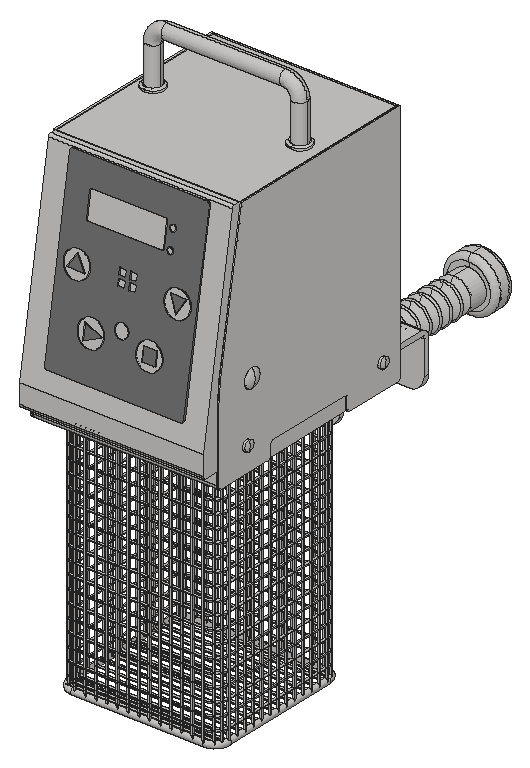
Revit family "QF_VOLLRATH_SOFTCOOKER", category Specialty Equipment, Revit 2016
Family settings
  Part Type = Normal
  Round Connector Dimension = Use Diameter
  Work Plane-Based = No
  Always vertical = Yes
  Cut with Voids When Loaded = No
  Shared = No
  Room Calculation Point = No
Parameters
  Weight in Pounds = 0
  Watts = if(Phase = 3, Volts * FL Amps * 1.73, Volts * FL Amps)  # 0 W
  Volts = 0 V
  URL Cutsheet = ""
  Specification by User = ""
  Specification by Manufacturer = ""
  Serial Number = ""
  Seismic Rating = ""
  SMACNA No = ""
  Revision Code = ""
  Phase = 1
  Number of Poles = 1
  NAFEM Spec ID Number = ""
  Min Ckt Ampacity = 0 A
  Max Overcurrent Protection = 0 A
  Masterspec = ""
  Manufacturer = "VOLLRATH"
  Length = 5.03937"
  Item Number = ""
  Installed By = ""
  Identify Quantity as Lot = yes
  Height = 15"  # constant formula
  HP = ""
  Furnished By = ""
  Foodservice Equipment Identifier = yes
  FL Amps = 0 A
  Electrical Remarks = ""
  Electric Connection Type = ""
  Elec Conn RI Height = 0"
  Elec Conn Connection Height = 0"
  Description = "SOFTCOOKER"
  Depth = 12 1/2"  # constant formula
  Cycle = 0 Hz
  Conn Plug = ""
  Conn Conduit = yes
  CSI MasterFormat = ""
  Apparent Power = if(Phase = 3, Volts * FL Amps * 1.73, Volts * FL Amps)  # 0 VA
Reference planes (in)
  plane 1 "BACK": y = 0
  plane 2: z = 0
  plane 3 "LEFT": x = 0
  plane 4 "RIGHT": x = 5.03937
  plane 5 "FRONT": y = -6.49606
  plane 6 "TOP": z = 6.63386
  plane 7 "Center Y": x = 2.51969
  plane 8 "Center X": y = -3.24803
  plane 9: z = 6.47712
  plane 10: z = 1.54145
  plane 11: z = 0.43307
  plane 12: z = -6.69976
  plane 13: z = 8.30024
  plane 14: y = 6.00394
Forms (in)
  Extrusion 1, solid, material "QF_Metal - Stainless - Polished"
    sketch origin (0, 0, 0) x (0, 1, 0) y (0, 0, 1)
      loop
        line (-5.30371, 6.5748) -> (-6.00422, 2.60198)
        arc (-6.00422, 2.60198) -> (-6.04827, 2.2674) -> (-6.06299, 1.93026) r 3.86823
        line (-6.06299, 1.93026) -> (-6.06299, 0.09263)
        arc (-6.06299, 0.09263) -> (-6.03586, 0.02713) -> (-5.97036, 0) r 0.09263
        line (-5.97036, 0) -> (-4.44871, 0)
        arc (-4.44871, 0) -> (-4.39311, 0.02303) -> (-4.37008, 0.07863) r 0.07863
        line (-4.37008, 0.07863) -> (-4.37008, 0.35122)
        arc (-4.37008, 0.35122) -> (-4.3461, 0.4091) -> (-4.28823, 0.43307) r 0.08185
        line (-4.28823, 0.43307) -> (-1.84977, 0.43307)
        arc (-1.84977, 0.43307) -> (-1.79453, 0.41019) -> (-1.77165, 0.35495) r 0.07812
        line (-1.77165, 0.35495) -> (-1.77165, 0.07297)
        arc (-1.77165, 0.07297) -> (-1.75028, 0.02137) -> (-1.69869, 0) r 0.07297
        line (-1.69869, 0) -> (-0.09097, 0)
        arc (-0.09097, 0) -> (-0.02665, 0.02665) -> (0, 0.09097) r 0.09097
        line (0, 0.09097) -> (0, 6.5748) -> (-5.30371, 6.5748)
    from 0 to 0.05906
  Extrusion 2, solid, material "QF_Metal - Stainless - Polished"
    sketch origin (5.03937, 0, 0) x (0, -1, 0) y (0, 0, 1)
      loop
        line (5.30371, 6.5748) -> (0, 6.5748) -> (0, 0.09097)
        arc (0, 0.09097) -> (0.02665, 0.02665) -> (0.09097, 0) r 0.09097
        line (0.09097, 0) -> (1.69869, 0)
        arc (1.69869, 0) -> (1.75028, 0.02137) -> (1.77165, 0.07297) r 0.07297
        line (1.77165, 0.07297) -> (1.77165, 0.35495)
        arc (1.77165, 0.35495) -> (1.79453, 0.41019) -> (1.84977, 0.43307) r 0.07812
        line (1.84977, 0.43307) -> (4.28823, 0.43307)
        arc (4.28823, 0.43307) -> (4.3461, 0.4091) -> (4.37008, 0.35122) r 0.08185
        line (4.37008, 0.35122) -> (4.37008, 0.07863)
        arc (4.37008, 0.07863) -> (4.39311, 0.02303) -> (4.44871, 0) r 0.07863
        line (4.44871, 0) -> (5.97036, 0)
        arc (5.97036, 0) -> (6.03586, 0.02713) -> (6.06299, 0.09263) r 0.09263
        line (6.06299, 0.09263) -> (6.06299, 1.93026)
        arc (6.06299, 1.93026) -> (6.04827, 2.2674) -> (6.00422, 2.60198) r 3.86823
        line (6.00422, 2.60198) -> (5.30371, 6.5748)
    from 0 to 0.05906
  Extrusion 3, solid, material "QF_Metal - Stainless - Polished"
    sketch origin (0, 0, 0) x (0, 1, 0) y (0, 0, 1)
      loop
        arc (-0.63369, 0) -> (-0.78414, -0.06232) -> (-0.84646, -0.21277) r 0.21277
        line (-0.84646, -0.21277) -> (-0.84646, -0.43193) -> (-0.72835, -0.43193) -> (-0.72835, -0.2153)
        arc (-0.72835, -0.2153) -> (-0.69988, -0.14658) -> (-0.63116, -0.11811) r 0.09719
        line (-0.63116, -0.11811) -> (1.88881, -0.11811)
        arc (1.88881, -0.11811) -> (1.95908, -0.14722) -> (1.98819, -0.21749) r 0.09938
        line (1.98819, -0.21749) -> (1.98819, -1.13957) -> (2.1063, -1.13957) -> (2.1063, -0.21023)
        arc (2.1063, -0.21023) -> (2.04472, -0.06158) -> (1.89607, 0) r 0.21023
        line (1.89607, 0) -> (-0.63369, 0)
    from 0.94488 to 4.09449
  Extrusion 4, solid, material "QF_Metal - Stainless - Polished"
    sketch origin (0.05906, 0, 0) x (0, 1, 0) y (0, 0, 1)
      loop
        line (-0.03937, 6.5748) -> (-5.30371, 6.5748) -> (-6.00422, 2.60198)
        arc (-6.00422, 2.60198) -> (-6.04827, 2.2674) -> (-6.06299, 1.93026) r 3.86823
        line (-6.06299, 1.93026) -> (-6.06299, 0.09263)
        arc (-6.06299, 0.09263) -> (-6.03586, 0.02713) -> (-5.97036, 0) r 0.09263
        line (-5.97036, 0) -> (-4.44871, 0)
        arc (-4.44871, 0) -> (-4.39311, 0.02303) -> (-4.37008, 0.07863) r 0.07863
        line (-4.37008, 0.07863) -> (-4.37008, 0.35122)
        arc (-4.37008, 0.35122) -> (-4.3461, 0.4091) -> (-4.28823, 0.43307) r 0.08185
        line (-4.28823, 0.43307) -> (-1.84977, 0.43307)
        arc (-1.84977, 0.43307) -> (-1.79453, 0.41019) -> (-1.77165, 0.35495) r 0.07812
        line (-1.77165, 0.35495) -> (-1.77165, 0.07297)
        arc (-1.77165, 0.07297) -> (-1.75028, 0.02137) -> (-1.69869, 0) r 0.07297
        line (-1.69869, 0) -> (-0.09097, 0)
        arc (-0.09097, 0) -> (-0.02665, 0.02665) -> (0, 0.09097) r 0.09097
        line (0, 0.09097) -> (0, 0.43307) -> (-0.03937, 0.43307) -> (-0.03937, 6.5748)
    from 0 to 4.92126
  Extrusion 5, solid, material "QF_Metal - Stainless - Polished"
    sketch origin (0, -0.72835, -0.82563) x (0, 0, 1) y (1, 0, 0)
      loop
        line (0.3937, 0.94488) -> (0.3937, 4.09449) -> (0.0491, 4.09449)
        arc (0.0491, 4.09449) -> (-0.23617, 3.97633) -> (-0.35433, 3.69106) r 0.40343
        line (-0.35433, 3.69106) -> (-0.35433, 1.33468)
        arc (-0.35433, 1.33468) -> (-0.24016, 1.05905) -> (0.03547, 0.94488) r 0.3898
        line (0.03547, 0.94488) -> (0.3937, 0.94488)
    from 0 to -0.11811
  Extrusion 6, solid, material "QF_Metal - Stainless - Polished"
    sketch origin (0, 2.1063, -0.57297) x (0, 0, -1) y (-1, 0, 0)
      loop
        line (0.96275, -3.69834) -> (0.96275, -1.34103)
        arc (0.96275, -1.34103) -> (0.84672, -1.06091) -> (0.5666, -0.94488) r 0.39615
        line (0.5666, -0.94488) -> (0.5666, -4.09449)
        arc (0.5666, -4.09449) -> (0.84672, -3.97846) -> (0.96275, -3.69834) r 0.39615
    from 0 to -0.11811
  Extrusion 7, solid, material "QF_Metal - Stainless - Polished"
    sketch origin (0, 0, 0) x (0, 1, 0) y (0, 0, 1)
      loop
        arc (-6.49606, 0.50952) -> (-6.47367, 0.45546) -> (-6.41961, 0.43307) r 0.07645
        line (-6.41961, 0.43307) -> (-6.06299, 0.43307) -> (-6.06299, 1.991)
        arc (-6.06299, 1.991) -> (-6.05091, 2.26763) -> (-6.01477, 2.54216) r 3.174
        line (-6.01477, 2.54216) -> (-5.30371, 6.5748) -> (-5.45283, 6.5748)
        arc (-5.45283, 6.5748) -> (-5.50264, 6.55667) -> (-5.52914, 6.51077) r 0.07749
        line (-5.52914, 6.51077) -> (-6.49606, 1.02707) -> (-6.49606, 0.50952)
    from 0.05906 to 4.98031
  Extrusion 8, solid, material "QF_Rubber - Black - Smooth"
    sketch origin (0, -5.52932, 6.50974) x (0, -0.173648, -0.984808) y (1, 0, 0)
      loop
        line (0.11324, 0.6496) -> (4.96758, 0.6496)
        arc (4.96758, 0.6496) -> (5.02325, 0.67266) -> (5.04632, 0.72834) r 0.07874
        line (5.04632, 0.72834) -> (5.04632, 4.31101)
        arc (5.04632, 4.31101) -> (5.02325, 4.36669) -> (4.96758, 4.38975) r 0.07874
        line (4.96758, 4.38975) -> (0.11324, 4.38975)
        arc (0.11324, 4.38975) -> (0.05757, 4.36669) -> (0.0345, 4.31101) r 0.07874
        line (0.0345, 4.31101) -> (0.0345, 0.72834)
        arc (0.0345, 0.72834) -> (0.05757, 0.67266) -> (0.11324, 0.6496) r 0.07874
      loop
        arc (0.75694, 1.33464) -> (0.76847, 1.3068) -> (0.79631, 1.29527) r 0.03937
        line (0.79631, 1.29527) -> (1.43412, 1.29527)
        arc (1.43412, 1.29527) -> (1.46196, 1.3068) -> (1.47349, 1.33464) r 0.03937
        line (1.47349, 1.33464) -> (1.47349, 3.31102)
        arc (1.47349, 3.31102) -> (1.46196, 3.33886) -> (1.43412, 3.35039) r 0.03937
        line (1.43412, 3.35039) -> (0.79631, 3.35039)
        arc (0.79631, 3.35039) -> (0.76847, 3.33886) -> (0.75694, 3.31102) r 0.03937
        line (0.75694, 3.31102) -> (0.75694, 1.33464)
      loop
        circle (0.91351, 3.52545) r 0.0797
      loop
        circle (1.42543, 3.52347) r 0.07897
      loop
        circle (2.51482, 1.172) r 0.35229
      loop
        circle (2.51482, 3.86737) r 0.35229
      loop
        circle (3.88982, 1.7345) r 0.35229
      loop
        circle (3.88982, 3.30487) r 0.35229
      loop
        line (2.20141, 2.28008) -> (2.38595, 2.28008) -> (2.38595, 2.4728) -> (2.20141, 2.4728) -> (2.20141, 2.28008)
      loop
        line (2.45141, 2.28008) -> (2.63595, 2.28008) -> (2.63595, 2.4728) -> (2.45141, 2.4728) -> (2.45141, 2.28008)
      loop
        line (2.20141, 2.57725) -> (2.38595, 2.57725) -> (2.38595, 2.76997) -> (2.20141, 2.76997) -> (2.20141, 2.57725)
      loop
        line (2.45141, 2.57725) -> (2.63595, 2.57725) -> (2.63595, 2.76997) -> (2.45141, 2.76997) -> (2.45141, 2.57725)
      loop
        circle (3.57337, 2.51969) r 0.17984
    from 0 to 0.02362
  Revolve 9, solid, material "QF_Metal - Stainless - Polished"
    sketch origin (0, -4.99219, 0) x (1, 0, 0) y (0, 0, 1)
      loop
        line (4.72441, 2.24409) -> (5.15495, 2.24409)
        arc (5.15495, 2.24409) -> (5.12917, 2.3728) -> (5.07024, 2.49009) r 0.49142
        line (5.07024, 2.49009) -> (5.03937, 2.49009) -> (5.03937, 2.34373) -> (4.72441, 2.34373) -> (4.72441, 2.24409)
      axis (5.15495, 2.24409) -> (4.72441, 2.24409)
    angle from 0 to 360
  Revolve 10, solid, material "QF_Metal - Stainless - Polished"
    sketch origin (0, -5.15625, -1.53543) x (1, 0, 0) y (0, 0, 1)
      loop
        line (4.72441, 2.24409) -> (5.15495, 2.24409)
        arc (5.15495, 2.24409) -> (5.14533, 2.31437) -> (5.1257, 2.38253) r 0.49142
        line (5.1257, 2.38253) -> (5.03937, 2.38253) -> (5.03937, 2.34373) -> (4.72441, 2.34373) -> (4.72441, 2.24409)
      axis (5.15495, 2.24409) -> (4.72441, 2.24409)
    angle from 0 to 360
  Revolve 11, solid, material "QF_Metal - Stainless - Polished"
    sketch origin (0, -0.62888, -1.53543) x (1, 0, 0) y (0, 0, -1)
      loop
        line (4.72441, -2.24409) -> (4.72441, -2.34373) -> (5.03937, -2.34373) -> (5.03937, -2.38253) -> (5.1257, -2.38253)
        arc (5.1257, -2.38253) -> (5.14533, -2.31437) -> (5.15495, -2.24409) r 0.49142
        line (5.15495, -2.24409) -> (4.72441, -2.24409)
      axis (5.15495, -2.24409) -> (4.72441, -2.24409)
    angle from 0 to 360
  Sweep 12, solid, material "QF_Metal - Stainless - Polished"
    path origin (0, -2.66406, 0) x (1, 0, 0) y (0, 0, 1)
      loop
        line (4.4864, 6.63386) -> (4.4864, 7.7187)
        arc (4.4864, 7.7187) -> (4.37442, 7.98904) -> (4.10408, 8.10102) r 0.38232
        line (4.10408, 8.10102) -> (0.93529, 8.10102)
        arc (0.93529, 8.10102) -> (0.66495, 7.98904) -> (0.55297, 7.7187) r 0.38232
        line (0.55297, 7.7187) -> (0.55297, 6.63386)
    profile origin (2.51969, -2.66406, 8.10102) x (0, 0, -1) y (0, -1, 0)
      loop
        circle (0, 0) r 0.19733
  Extrusion 13, solid, material "QF_Metal - Stainless - Polished"
    sketch origin (0, -5.52932, 6.50974) x (0, -0.173648, -0.984808) y (1, 0, 0)
      loop
        arc (0.75694, 1.33464) -> (0.76847, 1.3068) -> (0.79631, 1.29527) r 0.03937
        line (0.79631, 1.29527) -> (1.43412, 1.29527)
        arc (1.43412, 1.29527) -> (1.46196, 1.3068) -> (1.47349, 1.33464) r 0.03937
        line (1.47349, 1.33464) -> (1.47349, 3.31102)
        arc (1.47349, 3.31102) -> (1.46196, 3.33886) -> (1.43412, 3.35039) r 0.03937
        line (1.43412, 3.35039) -> (0.79631, 3.35039)
        arc (0.79631, 3.35039) -> (0.76847, 3.33886) -> (0.75694, 3.31102) r 0.03937
        line (0.75694, 3.31102) -> (0.75694, 1.33464)
      loop
        circle (0.91351, 3.52545) r 0.0797
      loop
        circle (1.42543, 3.52347) r 0.07897
    from 0 to 0.02362
  Extrusion 14, solid, material "QF_Metal - Stainless - Polished"
    sketch origin (0, -5.52932, 6.50974) x (0, -0.173648, -0.984808) y (1, 0, 0)
      loop
        circle (2.51482, 1.172) r 0.35229
      loop
        circle (2.51482, 3.86737) r 0.35229
      loop
        circle (3.88982, 1.7345) r 0.35229
      loop
        circle (3.88982, 3.30487) r 0.35229
      loop
        line (2.25426, 1.16164) -> (2.63901, 0.92122) -> (2.63901, 1.40205) -> (2.25426, 1.16164)
      loop
        line (2.3402, 3.65449) -> (2.76482, 3.8525) -> (2.3402, 4.08118) -> (2.3402, 3.65449)
      loop
        line (3.67584, 1.5578) -> (4.10978, 1.5578) -> (3.88225, 2.0243) -> (3.67584, 1.5578)
      loop
        line (3.70819, 3.12328) -> (4.06614, 3.12328) -> (4.06614, 3.49073) -> (3.70819, 3.49073) -> (3.70819, 3.12328)
    from 0 to 0.02362
  Extrusion 15, solid, material "QF_Rubber - Black - Smooth"
    sketch origin (0, -5.52932, 6.50974) x (0, -0.173648, -0.984808) y (1, 0, 0)
      loop
        line (2.25426, 1.16164) -> (2.63901, 0.92122) -> (2.63901, 1.40205) -> (2.25426, 1.16164)
      loop
        line (2.3402, 3.65449) -> (2.76482, 3.8525) -> (2.3402, 4.08118) -> (2.3402, 3.65449)
      loop
        line (3.67584, 1.5578) -> (4.10978, 1.5578) -> (3.88225, 2.0243) -> (3.67584, 1.5578)
      loop
        line (3.70819, 3.12328) -> (4.06614, 3.12328) -> (4.06614, 3.49073) -> (3.70819, 3.49073) -> (3.70819, 3.12328)
    from 0 to 0.02362
  Extrusion 16, solid, material "QF_Metal - Stainless - Polished"
    sketch origin (0.05906, -0.03937, 0.51181) x (0, 0, 1) y (1, 0, 0)
      loop
        arc (4.29238, 4.13386) -> (4.37112, 4.2126) -> (4.29238, 4.29134) r 0.07874
        line (4.29238, 4.29134) -> (2.71549, 4.29134)
        arc (2.71549, 4.29134) -> (2.63675, 4.2126) -> (2.71549, 4.13386) r 0.07874
        line (2.71549, 4.13386) -> (4.29238, 4.13386)
      loop
        arc (2.52896, 4.0748) -> (2.45022, 3.99606) -> (2.52896, 3.91732) r 0.07874
        line (2.52896, 3.91732) -> (2.99298, 3.91732)
        arc (2.99298, 3.91732) -> (3.07172, 3.99606) -> (2.99298, 4.0748) r 0.07874
        line (2.99298, 4.0748) -> (2.52896, 4.0748)
      loop
        arc (2.41503, 3.85559) -> (2.33629, 3.77685) -> (2.41503, 3.69811) r 0.07874
        line (2.41503, 3.69811) -> (2.77644, 3.69811)
        arc (2.77644, 3.69811) -> (2.85518, 3.77685) -> (2.77644, 3.85559) r 0.07874
        line (2.77644, 3.85559) -> (2.41503, 3.85559)
      loop
        arc (2.39934, 3.64619) -> (2.3206, 3.56745) -> (2.39934, 3.48871) r 0.07874
        line (2.39934, 3.48871) -> (2.71435, 3.48871)
        arc (2.71435, 3.48871) -> (2.79309, 3.56745) -> (2.71435, 3.64619) r 0.07874
        line (2.71435, 3.64619) -> (2.39934, 3.64619)
      loop
        arc (2.40634, 3.42786) -> (2.3276, 3.34912) -> (2.40634, 3.27038) r 0.07874
        line (2.40634, 3.27038) -> (2.69548, 3.27038)
        arc (2.69548, 3.27038) -> (2.77422, 3.34912) -> (2.69548, 3.42786) r 0.07874
        line (2.69548, 3.42786) -> (2.40634, 3.42786)
      loop
        arc (2.40697, 3.20866) -> (2.32823, 3.12992) -> (2.40697, 3.05118) r 0.07874
        line (2.40697, 3.05118) -> (2.7145, 3.05118)
        arc (2.7145, 3.05118) -> (2.79324, 3.12992) -> (2.7145, 3.20866) r 0.07874
        line (2.7145, 3.20866) -> (2.40697, 3.20866)
      loop
        arc (2.41899, 2.99094) -> (2.34025, 2.9122) -> (2.41899, 2.83346) r 0.07874
        line (2.41899, 2.83346) -> (2.80985, 2.83346)
        arc (2.80985, 2.83346) -> (2.88859, 2.9122) -> (2.80985, 2.99094) r 0.07874
        line (2.80985, 2.99094) -> (2.41899, 2.99094)
      loop
        arc (4.00933, 4.0748) -> (3.93059, 3.99606) -> (4.00933, 3.91732) r 0.07874
        line (4.00933, 3.91732) -> (4.47335, 3.91732)
        arc (4.47335, 3.91732) -> (4.55209, 3.99606) -> (4.47335, 4.0748) r 0.07874
        line (4.47335, 4.0748) -> (4.00933, 4.0748)
      loop
        arc (4.21018, 3.85827) -> (4.13144, 3.77953) -> (4.21018, 3.70079) r 0.07874
        line (4.21018, 3.70079) -> (4.60346, 3.70079)
        arc (4.60346, 3.70079) -> (4.6822, 3.77953) -> (4.60346, 3.85827) r 0.07874
        line (4.60346, 3.85827) -> (4.21018, 3.85827)
      loop
        arc (4.3024, 3.64762) -> (4.22366, 3.56888) -> (4.3024, 3.49014) r 0.07874
        line (4.3024, 3.49014) -> (4.62189, 3.49014)
        arc (4.62189, 3.49014) -> (4.70063, 3.56888) -> (4.62189, 3.64762) r 0.07874
        line (4.62189, 3.64762) -> (4.3024, 3.64762)
      loop
        arc (4.33025, 3.427) -> (4.25151, 3.34826) -> (4.33025, 3.26952) r 0.07874
        line (4.33025, 3.26952) -> (4.62189, 3.26952)
        arc (4.62189, 3.26952) -> (4.70063, 3.34826) -> (4.62189, 3.427) r 0.07874
        line (4.62189, 3.427) -> (4.33025, 3.427)
      loop
        arc (4.30183, 3.20984) -> (4.22309, 3.1311) -> (4.30183, 3.05236) r 0.07874
        line (4.30183, 3.05236) -> (4.62189, 3.05236)
        arc (4.62189, 3.05236) -> (4.70063, 3.1311) -> (4.62189, 3.20984) r 0.07874
        line (4.62189, 3.20984) -> (4.30183, 3.20984)
      loop
        arc (4.20531, 2.99225) -> (4.12657, 2.91351) -> (4.20531, 2.83477) r 0.07874
        line (4.20531, 2.83477) -> (4.62189, 2.83477)
        arc (4.62189, 2.83477) -> (4.70063, 2.91351) -> (4.62189, 2.99225) r 0.07874
        line (4.62189, 2.99225) -> (4.20531, 2.99225)
      loop
        arc (4.02171, 2.7836) -> (3.94297, 2.70486) -> (4.02171, 2.62612) r 0.07874
        line (4.02171, 2.62612) -> (4.48573, 2.62612)
        arc (4.48573, 2.62612) -> (4.56447, 2.70486) -> (4.48573, 2.7836) r 0.07874
        line (4.48573, 2.7836) -> (4.02171, 2.7836)
      loop
        arc (3.08735, 2.55737) -> (3.00861, 2.47863) -> (3.08735, 2.39989) r 0.07874
        line (3.08735, 2.39989) -> (4.30539, 2.39989)
        arc (4.30539, 2.39989) -> (4.38413, 2.47863) -> (4.30539, 2.55737) r 0.07874
        line (4.30539, 2.55737) -> (3.08735, 2.55737)
      loop
        arc (3.05811, 2.34894) -> (2.97937, 2.2702) -> (3.05811, 2.19146) r 0.07874
        line (3.05811, 2.19146) -> (3.96617, 2.19146)
        arc (3.96617, 2.19146) -> (4.04491, 2.2702) -> (3.96617, 2.34894) r 0.07874
        line (3.96617, 2.34894) -> (3.05811, 2.34894)
      loop
        arc (2.52693, 2.77701) -> (2.44819, 2.69827) -> (2.52693, 2.61953) r 0.07874
        line (2.52693, 2.61953) -> (2.63137, 2.61953)
        arc (2.63137, 2.61953) -> (2.71011, 2.69827) -> (2.63137, 2.77701) r 0.07874
        line (2.63137, 2.77701) -> (2.52693, 2.77701)
      loop
        arc (3.02043, 4.50787) -> (2.94169, 4.42913) -> (3.02043, 4.35039) r 0.07874
        line (3.02043, 4.35039) -> (3.92849, 4.35039)
        arc (3.92849, 4.35039) -> (4.00723, 4.42913) -> (3.92849, 4.50787) r 0.07874
        line (3.92849, 4.50787) -> (3.02043, 4.50787)
      loop
        line (6.06299, 0) -> (6.06299, 4.92126) -> (-0.07874, 4.92126) -> (-0.07874, 0) -> (6.06299, 0)
      loop
        arc (0.31399, 4.68504) -> (0.23525, 4.6063) -> (0.31399, 4.52756) r 0.07874
        line (0.31399, 4.52756) -> (1.73504, 4.52756)
        arc (1.73504, 4.52756) -> (1.81378, 4.6063) -> (1.73504, 4.68504) r 0.07874
        line (1.73504, 4.68504) -> (0.31399, 4.68504)
      loop
        arc (0.30857, 4.38976) -> (0.22983, 4.31102) -> (0.30857, 4.23228) r 0.07874
        line (0.30857, 4.23228) -> (1.72962, 4.23228)
        arc (1.72962, 4.23228) -> (1.80836, 4.31102) -> (1.72962, 4.38976) r 0.07874
        line (1.72962, 4.38976) -> (0.30857, 4.38976)
      loop
        arc (0.30857, 4.09732) -> (0.22983, 4.01858) -> (0.30857, 3.93984) r 0.07874
        line (0.30857, 3.93984) -> (1.72962, 3.93984)
        arc (1.72962, 3.93984) -> (1.80836, 4.01858) -> (1.72962, 4.09732) r 0.07874
        line (1.72962, 4.09732) -> (0.30857, 4.09732)
      loop
        arc (0.30857, 3.80487) -> (0.22983, 3.72613) -> (0.30857, 3.64739) r 0.07874
        line (0.30857, 3.64739) -> (1.72962, 3.64739)
        arc (1.72962, 3.64739) -> (1.80836, 3.72613) -> (1.72962, 3.80487) r 0.07874
        line (1.72962, 3.80487) -> (0.30857, 3.80487)
      loop
        arc (0.30857, 3.20862) -> (0.22983, 3.12988) -> (0.30857, 3.05114) r 0.07874
        line (0.30857, 3.05114) -> (1.72962, 3.05114)
        arc (1.72962, 3.05114) -> (1.80836, 3.12988) -> (1.72962, 3.20862) r 0.07874
        line (1.72962, 3.20862) -> (0.30857, 3.20862)
      loop
        arc (0.30857, 2.91868) -> (0.22983, 2.83994) -> (0.30857, 2.7612) r 0.07874
        line (0.30857, 2.7612) -> (1.72962, 2.7612)
        arc (1.72962, 2.7612) -> (1.80836, 2.83994) -> (1.72962, 2.91868) r 0.07874
        line (1.72962, 2.91868) -> (0.30857, 2.91868)
      loop
        arc (0.30857, 2.61941) -> (0.22983, 2.54067) -> (0.30857, 2.46193) r 0.07874
        line (0.30857, 2.46193) -> (1.72962, 2.46193)
        arc (1.72962, 2.46193) -> (1.80836, 2.54067) -> (1.72962, 2.61941) r 0.07874
        line (1.72962, 2.61941) -> (0.30857, 2.61941)
      loop
        arc (0.30857, 2.3325) -> (0.22983, 2.25376) -> (0.30857, 2.17502) r 0.07874
        line (0.30857, 2.17502) -> (1.72962, 2.17502)
        arc (1.72962, 2.17502) -> (1.80836, 2.25376) -> (1.72962, 2.3325) r 0.07874
        line (1.72962, 2.3325) -> (0.30857, 2.3325)
      loop
        arc (0.30857, 2.03226) -> (0.22983, 1.95352) -> (0.30857, 1.87478) r 0.07874
        line (0.30857, 1.87478) -> (1.72962, 1.87478)
        arc (1.72962, 1.87478) -> (1.80836, 1.95352) -> (1.72962, 2.03226) r 0.07874
        line (1.72962, 2.03226) -> (0.30857, 2.03226)
    from 0 to 0.03937
  Extrusion 17, solid, material "QF_Metal - Stainless - Polished"
    sketch origin (0.05906, 0, 0.51181) x (0, 0, 1) y (1, 0, 0)
      loop
        circle (0.95882, 0.79536) r 0.29312
      loop
        arc (0.3937, 0.5763) -> (1.56491, 0.79536) -> (0.3937, 1.01441) r 0.60609
        line (0.3937, 1.01441) -> (0.3937, 0.5763)
    from 0 to 0.09843
  Extrusion 18, solid, material "QF_Metal - Stainless - Polished"
    sketch origin (0.05906, 0, 0.51181) x (0, 0, 1) y (1, 0, 0)
      loop
        circle (2.1664, 0.7066) r 0.31533
      loop
        circle (2.1664, 0.7066) r 0.21751
      loop
        circle (3.09862, 0.7066) r 0.31533
      loop
        circle (3.09862, 0.7066) r 0.21751
      loop
        line (5.08661, 1.19094) -> (3.82677, 1.19094) -> (3.82677, 0.21457) -> (5.08661, 0.21457) -> (5.08661, 1.19094)
      loop
        line (4.92913, 1.06693) -> (3.98425, 1.06693) -> (3.98425, 0.33858) -> (4.92913, 0.33858) -> (4.92913, 1.06693)
    from 0 to 0.09843
  Extrusion 19, solid, material "QF_Metal - Stainless - Polished"
    sketch origin (1.12598, 0, 5.39435) x (0, 0, 1) y (0, 1, 0)
      loop
        line (-0.89829, 0.09843) -> (-0.89829, 0) -> (0.04659, 0) -> (0.04659, 0.11226) -> (-0.76024, 0.35222)
        arc (-0.76024, 0.35222) -> (-0.84857, 0.23582) -> (-0.89829, 0.09843) r 0.48573
    from 0 to 0.72835
  Extrusion 20, solid, material "QF_Metal - Stainless - Polished"
    sketch origin (0.05906, 0, 0.51181) x (0, 0, 1) y (1, 0, 0)
      loop
        circle (2.1664, 0.7066) r 0.21751
      loop
        circle (3.09862, 0.7066) r 0.21751
    from 0 to 0.07608
  Revolve 21, solid, material "QF_Metal - Stainless - Polished"
    sketch origin (2.51969, 6.90541, 48) x (0, 1, 0) y (0, 0, 1)
      loop
        line (-6.23612, -48.3937) -> (-6.23612, -49.02362) -> (-0.96908, -49.02362) -> (-0.96908, -48.629) -> (-0.90147, -48.56139) -> (-0.90147, -48.41071)
        arc (-0.90147, -48.41071) -> (-0.93971, -48.31838) -> (-1.03204, -48.28014) r 0.13057
        line (-1.03204, -48.28014) -> (-1.31929, -48.28014)
        arc (-1.31929, -48.28014) -> (-1.42693, -48.32473) -> (-1.47151, -48.43237) r 0.15223
        line (-1.47151, -48.43237) -> (-1.47151, -48.56139) -> (-1.95963, -48.56139) -> (-2.08465, -48.7539) -> (-2.11694, -48.7539) -> (-2.24195, -48.56139)
        arc (-2.24195, -48.56139) -> (-2.27509, -48.5434) -> (-2.30824, -48.56139) r 0.03952
        line (-2.30824, -48.56139) -> (-2.43325, -48.7539) -> (-2.46554, -48.7539) -> (-2.59056, -48.56139)
        arc (-2.59056, -48.56139) -> (-2.6237, -48.5434) -> (-2.65685, -48.56139) r 0.03952
        line (-2.65685, -48.56139) -> (-2.78186, -48.7539) -> (-2.81415, -48.7539) -> (-2.93917, -48.56139)
        arc (-2.93917, -48.56139) -> (-2.97231, -48.5434) -> (-3.00546, -48.56139) r 0.03952
        line (-3.00546, -48.56139) -> (-3.13047, -48.7539) -> (-3.16276, -48.7539) -> (-3.28777, -48.56139)
        arc (-3.28777, -48.56139) -> (-3.32092, -48.5434) -> (-3.35407, -48.56139) r 0.03952
        line (-3.35407, -48.56139) -> (-3.47908, -48.7539) -> (-3.51137, -48.7539) -> (-3.63638, -48.56139)
        arc (-3.63638, -48.56139) -> (-3.66953, -48.5434) -> (-3.70267, -48.56139) r 0.03952
        line (-3.70267, -48.56139) -> (-3.82769, -48.7539) -> (-3.85998, -48.7539) -> (-3.98056, -48.56822)
        arc (-3.98056, -48.56822) -> (-4.02035, -48.54706) -> (-4.05939, -48.56959) r 0.04648
        line (-4.05939, -48.56959) -> (-4.18815, -48.76788) -> (-4.25175, -48.76788) -> (-4.25175, -48.73271) -> (-4.40852, -48.73271) -> (-4.40852, -48.8766) -> (-4.91722, -48.8766) -> (-4.91722, -48.76772) -> (-5.46446, -48.76772) -> (-5.46446, -48.86135) -> (-5.54993, -48.86135) -> (-5.64556, -48.76571) -> (-5.64556, -48.71959) -> (-5.76699, -48.67539) -> (-6.04869, -48.3937) -> (-6.23612, -48.3937)
      axis (-0.90147, -49.02362) -> (-6.23612, -49.02362)
    angle from 0 to 360
  Sweep 22, solid, material "QF_Metal - Stainless - Polished"
    path origin (0, 0, -6.61561) x (1, 0, 0) y (0, 1, 0)
      loop
        arc (0.65087, -1.4482) -> (0.41333, -1.5466) -> (0.31494, -1.78414) r 0.33594
        line (0.31494, -1.78414) -> (0.31494, -5.10665)
        arc (0.31494, -5.10665) -> (0.41327, -5.34405) -> (0.65067, -5.44239) r 0.33573
        line (0.65067, -5.44239) -> (4.17086, -5.44239)
        arc (4.17086, -5.44239) -> (4.4084, -5.34399) -> (4.5068, -5.10645) r 0.33594
        line (4.5068, -5.10645) -> (4.5068, -1.78414)
        arc (4.5068, -1.78414) -> (4.4084, -1.5466) -> (4.17086, -1.4482) r 0.33594
        line (4.17086, -1.4482) -> (0.65087, -1.4482)
    profile origin (2.41087, -1.4482, -6.61561) x (0, 1, 0) y (0, 0, 1)
      loop
        arc (0, -0.08415) -> (0.08415, 0) -> (0, 0.08415) r 0.08415
        line (0, 0.08415) -> (0, -0.08415)
  Sweep 23, solid, material "QF_Metal - Stainless - Polished"
    path origin (0, 0, -0.08608) x (0, -1, 0) y (1, 0, 0)
      loop
        arc (1.4482, 0.65087) -> (1.5466, 0.41333) -> (1.78414, 0.31494) r 0.33594
        line (1.78414, 0.31494) -> (5.10665, 0.31494)
        arc (5.10665, 0.31494) -> (5.34405, 0.41327) -> (5.44239, 0.65067) r 0.33573
        line (5.44239, 0.65067) -> (5.44239, 4.17086)
        arc (5.44239, 4.17086) -> (5.34399, 4.4084) -> (5.10645, 4.5068) r 0.33594
        line (5.10645, 4.5068) -> (1.78414, 4.5068)
        arc (1.78414, 4.5068) -> (1.5466, 4.4084) -> (1.4482, 4.17086) r 0.33594
        line (1.4482, 4.17086) -> (1.4482, 0.65087)
    profile origin (2.41087, -1.4482, -0.08608) x (0, 1, 0) y (0, 0, 1)
      loop
        circle (0, 0) r 0.08415
  Sweep 24, solid, material "QF_Metal - Stainless - Polished"
    path origin (0, 0, -6.2953) x (1, 0, 0) y (0, 1, 0)
      loop
        arc (0.65087, -1.4482) -> (0.41333, -1.5466) -> (0.31494, -1.78414) r 0.33594
        line (0.31494, -1.78414) -> (0.31494, -5.10665)
        arc (0.31494, -5.10665) -> (0.41327, -5.34405) -> (0.65067, -5.44239) r 0.33573
        line (0.65067, -5.44239) -> (4.17086, -5.44239)
        arc (4.17086, -5.44239) -> (4.4084, -5.34399) -> (4.5068, -5.10645) r 0.33594
        line (4.5068, -5.10645) -> (4.5068, -1.78414)
        arc (4.5068, -1.78414) -> (4.4084, -1.5466) -> (4.17086, -1.4482) r 0.33594
        line (4.17086, -1.4482) -> (0.65087, -1.4482)
    profile origin (2.41087, -1.4482, -6.2953) x (0, 1, 0) y (0, 0, 1)
      loop
        circle (0, 0) r 0.02494
  Sweep 25, solid, material "QF_Metal - Stainless - Polished"
    path origin (0, 0, -0.39335) x (1, 0, 0) y (0, 1, 0)
      loop
        arc (0.65087, -1.4482) -> (0.41333, -1.5466) -> (0.31494, -1.78414) r 0.33594
        line (0.31494, -1.78414) -> (0.31494, -5.10665)
        arc (0.31494, -5.10665) -> (0.41327, -5.34405) -> (0.65067, -5.44239) r 0.33573
        line (0.65067, -5.44239) -> (4.17086, -5.44239)
        arc (4.17086, -5.44239) -> (4.4084, -5.34399) -> (4.5068, -5.10645) r 0.33594
        line (4.5068, -5.10645) -> (4.5068, -1.78414)
        arc (4.5068, -1.78414) -> (4.4084, -1.5466) -> (4.17086, -1.4482) r 0.33594
        line (4.17086, -1.4482) -> (0.65087, -1.4482)
    profile origin (2.41087, -1.4482, -0.39335) x (0, 1, 0) y (0, 0, 1)
      loop
        circle (0, 0) r 0.02494
  Sweep 26, solid, material "QF_Metal - Stainless - Polished"
    path origin (0, 0, -5.94813) x (1, 0, 0) y (0, 1, 0)
      loop
        arc (0.65087, -1.4482) -> (0.41333, -1.5466) -> (0.31494, -1.78414) r 0.33594
        line (0.31494, -1.78414) -> (0.31494, -5.10665)
        arc (0.31494, -5.10665) -> (0.41327, -5.34405) -> (0.65067, -5.44239) r 0.33573
        line (0.65067, -5.44239) -> (4.17086, -5.44239)
        arc (4.17086, -5.44239) -> (4.4084, -5.34399) -> (4.5068, -5.10645) r 0.33594
        line (4.5068, -5.10645) -> (4.5068, -1.78414)
        arc (4.5068, -1.78414) -> (4.4084, -1.5466) -> (4.17086, -1.4482) r 0.33594
        line (4.17086, -1.4482) -> (0.65087, -1.4482)
    profile origin (2.41087, -1.4482, -5.94813) x (0, 1, 0) y (0, 0, 1)
      loop
        circle (0, 0) r 0.02494
  Sweep 27, solid, material "QF_Metal - Stainless - Polished"
    path origin (0, 0, -5.60095) x (1, 0, 0) y (0, 1, 0)
      loop
        arc (0.65087, -1.4482) -> (0.41333, -1.5466) -> (0.31494, -1.78414) r 0.33594
        line (0.31494, -1.78414) -> (0.31494, -5.10665)
        arc (0.31494, -5.10665) -> (0.41327, -5.34405) -> (0.65067, -5.44239) r 0.33573
        line (0.65067, -5.44239) -> (4.17086, -5.44239)
        arc (4.17086, -5.44239) -> (4.4084, -5.34399) -> (4.5068, -5.10645) r 0.33594
        line (4.5068, -5.10645) -> (4.5068, -1.78414)
        arc (4.5068, -1.78414) -> (4.4084, -1.5466) -> (4.17086, -1.4482) r 0.33594
        line (4.17086, -1.4482) -> (0.65087, -1.4482)
    profile origin (2.41087, -1.4482, -5.60095) x (0, 1, 0) y (0, 0, 1)
      loop
        circle (0, 0) r 0.02494
  Sweep 28, solid, material "QF_Metal - Stainless - Polished"
    path origin (0, 0, -5.25378) x (1, 0, 0) y (0, 1, 0)
      loop
        arc (0.65087, -1.4482) -> (0.41333, -1.5466) -> (0.31494, -1.78414) r 0.33594
        line (0.31494, -1.78414) -> (0.31494, -5.10665)
        arc (0.31494, -5.10665) -> (0.41327, -5.34405) -> (0.65067, -5.44239) r 0.33573
        line (0.65067, -5.44239) -> (4.17086, -5.44239)
        arc (4.17086, -5.44239) -> (4.4084, -5.34399) -> (4.5068, -5.10645) r 0.33594
        line (4.5068, -5.10645) -> (4.5068, -1.78414)
        arc (4.5068, -1.78414) -> (4.4084, -1.5466) -> (4.17086, -1.4482) r 0.33594
        line (4.17086, -1.4482) -> (0.65087, -1.4482)
    profile origin (2.41087, -1.4482, -5.25378) x (0, 1, 0) y (0, 0, 1)
      loop
        circle (0, 0) r 0.02494
  Sweep 29, solid, material "QF_Metal - Stainless - Polished"
    path origin (0, 0, -4.90661) x (1, 0, 0) y (0, 1, 0)
      loop
        arc (0.65087, -1.4482) -> (0.41333, -1.5466) -> (0.31494, -1.78414) r 0.33594
        line (0.31494, -1.78414) -> (0.31494, -5.10665)
        arc (0.31494, -5.10665) -> (0.41327, -5.34405) -> (0.65067, -5.44239) r 0.33573
        line (0.65067, -5.44239) -> (4.17086, -5.44239)
        arc (4.17086, -5.44239) -> (4.4084, -5.34399) -> (4.5068, -5.10645) r 0.33594
        line (4.5068, -5.10645) -> (4.5068, -1.78414)
        arc (4.5068, -1.78414) -> (4.4084, -1.5466) -> (4.17086, -1.4482) r 0.33594
        line (4.17086, -1.4482) -> (0.65087, -1.4482)
    profile origin (2.41087, -1.4482, -4.90661) x (0, 1, 0) y (0, 0, 1)
      loop
        circle (0, 0) r 0.02494
  Sweep 30, solid, material "QF_Metal - Stainless - Polished"
    path origin (0, 0, -4.55943) x (1, 0, 0) y (0, 1, 0)
      loop
        arc (0.65087, -1.4482) -> (0.41333, -1.5466) -> (0.31494, -1.78414) r 0.33594
        line (0.31494, -1.78414) -> (0.31494, -5.10665)
        arc (0.31494, -5.10665) -> (0.41327, -5.34405) -> (0.65067, -5.44239) r 0.33573
        line (0.65067, -5.44239) -> (4.17086, -5.44239)
        arc (4.17086, -5.44239) -> (4.4084, -5.34399) -> (4.5068, -5.10645) r 0.33594
        line (4.5068, -5.10645) -> (4.5068, -1.78414)
        arc (4.5068, -1.78414) -> (4.4084, -1.5466) -> (4.17086, -1.4482) r 0.33594
        line (4.17086, -1.4482) -> (0.65087, -1.4482)
    profile origin (2.41087, -1.4482, -4.55943) x (0, 1, 0) y (0, 0, 1)
      loop
        circle (0, 0) r 0.02494
  Sweep 31, solid, material "QF_Metal - Stainless - Polished"
    path origin (0, 0, -4.21226) x (1, 0, 0) y (0, 1, 0)
      loop
        arc (0.65087, -1.4482) -> (0.41333, -1.5466) -> (0.31494, -1.78414) r 0.33594
        line (0.31494, -1.78414) -> (0.31494, -5.10665)
        arc (0.31494, -5.10665) -> (0.41327, -5.34405) -> (0.65067, -5.44239) r 0.33573
        line (0.65067, -5.44239) -> (4.17086, -5.44239)
        arc (4.17086, -5.44239) -> (4.4084, -5.34399) -> (4.5068, -5.10645) r 0.33594
        line (4.5068, -5.10645) -> (4.5068, -1.78414)
        arc (4.5068, -1.78414) -> (4.4084, -1.5466) -> (4.17086, -1.4482) r 0.33594
        line (4.17086, -1.4482) -> (0.65087, -1.4482)
    profile origin (2.41087, -1.4482, -4.21226) x (0, 1, 0) y (0, 0, 1)
      loop
        circle (0, 0) r 0.02494
  Sweep 32, solid, material "QF_Metal - Stainless - Polished"
    path origin (0, 0, -3.86508) x (1, 0, 0) y (0, 1, 0)
      loop
        arc (0.65087, -1.4482) -> (0.41333, -1.5466) -> (0.31494, -1.78414) r 0.33594
        line (0.31494, -1.78414) -> (0.31494, -5.10665)
        arc (0.31494, -5.10665) -> (0.41327, -5.34405) -> (0.65067, -5.44239) r 0.33573
        line (0.65067, -5.44239) -> (4.17086, -5.44239)
        arc (4.17086, -5.44239) -> (4.4084, -5.34399) -> (4.5068, -5.10645) r 0.33594
        line (4.5068, -5.10645) -> (4.5068, -1.78414)
        arc (4.5068, -1.78414) -> (4.4084, -1.5466) -> (4.17086, -1.4482) r 0.33594
        line (4.17086, -1.4482) -> (0.65087, -1.4482)
    profile origin (2.41087, -1.4482, -3.86508) x (0, 1, 0) y (0, 0, 1)
      loop
        circle (0, 0) r 0.02494
  Sweep 33, solid, material "QF_Metal - Stainless - Polished"
    path origin (0, 0, -3.51791) x (1, 0, 0) y (0, 1, 0)
      loop
        arc (0.65087, -1.4482) -> (0.41333, -1.5466) -> (0.31494, -1.78414) r 0.33594
        line (0.31494, -1.78414) -> (0.31494, -5.10665)
        arc (0.31494, -5.10665) -> (0.41327, -5.34405) -> (0.65067, -5.44239) r 0.33573
        line (0.65067, -5.44239) -> (4.17086, -5.44239)
        arc (4.17086, -5.44239) -> (4.4084, -5.34399) -> (4.5068, -5.10645) r 0.33594
        line (4.5068, -5.10645) -> (4.5068, -1.78414)
        arc (4.5068, -1.78414) -> (4.4084, -1.5466) -> (4.17086, -1.4482) r 0.33594
        line (4.17086, -1.4482) -> (0.65087, -1.4482)
    profile origin (2.41087, -1.4482, -3.51791) x (0, 1, 0) y (0, 0, 1)
      loop
        circle (0, 0) r 0.02494
  Sweep 34, solid, material "QF_Metal - Stainless - Polished"
    path origin (0, 0, -3.17074) x (1, 0, 0) y (0, 1, 0)
      loop
        arc (0.65087, -1.4482) -> (0.41333, -1.5466) -> (0.31494, -1.78414) r 0.33594
        line (0.31494, -1.78414) -> (0.31494, -5.10665)
        arc (0.31494, -5.10665) -> (0.41327, -5.34405) -> (0.65067, -5.44239) r 0.33573
        line (0.65067, -5.44239) -> (4.17086, -5.44239)
        arc (4.17086, -5.44239) -> (4.4084, -5.34399) -> (4.5068, -5.10645) r 0.33594
        line (4.5068, -5.10645) -> (4.5068, -1.78414)
        arc (4.5068, -1.78414) -> (4.4084, -1.5466) -> (4.17086, -1.4482) r 0.33594
        line (4.17086, -1.4482) -> (0.65087, -1.4482)
    profile origin (2.41087, -1.4482, -3.17074) x (0, 1, 0) y (0, 0, 1)
      loop
        circle (0, 0) r 0.02494
  Sweep 35, solid, material "QF_Metal - Stainless - Polished"
    path origin (0, 0, -2.82356) x (1, 0, 0) y (0, 1, 0)
      loop
        arc (0.65087, -1.4482) -> (0.41333, -1.5466) -> (0.31494, -1.78414) r 0.33594
        line (0.31494, -1.78414) -> (0.31494, -5.10665)
        arc (0.31494, -5.10665) -> (0.41327, -5.34405) -> (0.65067, -5.44239) r 0.33573
        line (0.65067, -5.44239) -> (4.17086, -5.44239)
        arc (4.17086, -5.44239) -> (4.4084, -5.34399) -> (4.5068, -5.10645) r 0.33594
        line (4.5068, -5.10645) -> (4.5068, -1.78414)
        arc (4.5068, -1.78414) -> (4.4084, -1.5466) -> (4.17086, -1.4482) r 0.33594
        line (4.17086, -1.4482) -> (0.65087, -1.4482)
    profile origin (2.41087, -1.4482, -2.82356) x (0, 1, 0) y (0, 0, 1)
      loop
        circle (0, 0) r 0.02494
  Sweep 36, solid, material "QF_Metal - Stainless - Polished"
    path origin (0, 0, -2.47639) x (1, 0, 0) y (0, 1, 0)
      loop
        arc (0.65087, -1.4482) -> (0.41333, -1.5466) -> (0.31494, -1.78414) r 0.33594
        line (0.31494, -1.78414) -> (0.31494, -5.10665)
        arc (0.31494, -5.10665) -> (0.41327, -5.34405) -> (0.65067, -5.44239) r 0.33573
        line (0.65067, -5.44239) -> (4.17086, -5.44239)
        arc (4.17086, -5.44239) -> (4.4084, -5.34399) -> (4.5068, -5.10645) r 0.33594
        line (4.5068, -5.10645) -> (4.5068, -1.78414)
        arc (4.5068, -1.78414) -> (4.4084, -1.5466) -> (4.17086, -1.4482) r 0.33594
        line (4.17086, -1.4482) -> (0.65087, -1.4482)
    profile origin (2.41087, -1.4482, -2.47639) x (0, 1, 0) y (0, 0, 1)
      loop
        circle (0, 0) r 0.02494
  Sweep 37, solid, material "QF_Metal - Stainless - Polished"
    path origin (0, 0, -2.12922) x (1, 0, 0) y (0, 1, 0)
      loop
        arc (0.65087, -1.4482) -> (0.41333, -1.5466) -> (0.31494, -1.78414) r 0.33594
        line (0.31494, -1.78414) -> (0.31494, -5.10665)
        arc (0.31494, -5.10665) -> (0.41327, -5.34405) -> (0.65067, -5.44239) r 0.33573
        line (0.65067, -5.44239) -> (4.17086, -5.44239)
        arc (4.17086, -5.44239) -> (4.4084, -5.34399) -> (4.5068, -5.10645) r 0.33594
        line (4.5068, -5.10645) -> (4.5068, -1.78414)
        arc (4.5068, -1.78414) -> (4.4084, -1.5466) -> (4.17086, -1.4482) r 0.33594
        line (4.17086, -1.4482) -> (0.65087, -1.4482)
    profile origin (2.41087, -1.4482, -2.12922) x (0, 1, 0) y (0, 0, 1)
      loop
        circle (0, 0) r 0.02494
  Sweep 38, solid, material "QF_Metal - Stainless - Polished"
    path origin (0, 0, -1.78204) x (1, 0, 0) y (0, 1, 0)
      loop
        arc (0.65087, -1.4482) -> (0.41333, -1.5466) -> (0.31494, -1.78414) r 0.33594
        line (0.31494, -1.78414) -> (0.31494, -5.10665)
        arc (0.31494, -5.10665) -> (0.41327, -5.34405) -> (0.65067, -5.44239) r 0.33573
        line (0.65067, -5.44239) -> (4.17086, -5.44239)
        arc (4.17086, -5.44239) -> (4.4084, -5.34399) -> (4.5068, -5.10645) r 0.33594
        line (4.5068, -5.10645) -> (4.5068, -1.78414)
        arc (4.5068, -1.78414) -> (4.4084, -1.5466) -> (4.17086, -1.4482) r 0.33594
        line (4.17086, -1.4482) -> (0.65087, -1.4482)
    profile origin (2.41087, -1.4482, -1.78204) x (0, 1, 0) y (0, 0, 1)
      loop
        circle (0, 0) r 0.02494
  Sweep 39, solid, material "QF_Metal - Stainless - Polished"
    path origin (0, 0, -1.43487) x (1, 0, 0) y (0, 1, 0)
      loop
        arc (0.65087, -1.4482) -> (0.41333, -1.5466) -> (0.31494, -1.78414) r 0.33594
        line (0.31494, -1.78414) -> (0.31494, -5.10665)
        arc (0.31494, -5.10665) -> (0.41327, -5.34405) -> (0.65067, -5.44239) r 0.33573
        line (0.65067, -5.44239) -> (4.17086, -5.44239)
        arc (4.17086, -5.44239) -> (4.4084, -5.34399) -> (4.5068, -5.10645) r 0.33594
        line (4.5068, -5.10645) -> (4.5068, -1.78414)
        arc (4.5068, -1.78414) -> (4.4084, -1.5466) -> (4.17086, -1.4482) r 0.33594
        line (4.17086, -1.4482) -> (0.65087, -1.4482)
    profile origin (2.41087, -1.4482, -1.43487) x (0, 1, 0) y (0, 0, 1)
      loop
        circle (0, 0) r 0.02494
  Sweep 40, solid, material "QF_Metal - Stainless - Polished"
    path origin (0, 0, -1.0877) x (1, 0, 0) y (0, 1, 0)
      loop
        arc (0.65087, -1.4482) -> (0.41333, -1.5466) -> (0.31494, -1.78414) r 0.33594
        line (0.31494, -1.78414) -> (0.31494, -5.10665)
        arc (0.31494, -5.10665) -> (0.41327, -5.34405) -> (0.65067, -5.44239) r 0.33573
        line (0.65067, -5.44239) -> (4.17086, -5.44239)
        arc (4.17086, -5.44239) -> (4.4084, -5.34399) -> (4.5068, -5.10645) r 0.33594
        line (4.5068, -5.10645) -> (4.5068, -1.78414)
        arc (4.5068, -1.78414) -> (4.4084, -1.5466) -> (4.17086, -1.4482) r 0.33594
        line (4.17086, -1.4482) -> (0.65087, -1.4482)
    profile origin (2.41087, -1.4482, -1.0877) x (0, 1, 0) y (0, 0, 1)
      loop
        circle (0, 0) r 0.02494
  Sweep 41, solid, material "QF_Metal - Stainless - Polished"
    path origin (0, 0, -0.74052) x (1, 0, 0) y (0, 1, 0)
      loop
        arc (0.65087, -1.4482) -> (0.41333, -1.5466) -> (0.31494, -1.78414) r 0.33594
        line (0.31494, -1.78414) -> (0.31494, -5.10665)
        arc (0.31494, -5.10665) -> (0.41327, -5.34405) -> (0.65067, -5.44239) r 0.33573
        line (0.65067, -5.44239) -> (4.17086, -5.44239)
        arc (4.17086, -5.44239) -> (4.4084, -5.34399) -> (4.5068, -5.10645) r 0.33594
        line (4.5068, -5.10645) -> (4.5068, -1.78414)
        arc (4.5068, -1.78414) -> (4.4084, -1.5466) -> (4.17086, -1.4482) r 0.33594
        line (4.17086, -1.4482) -> (0.65087, -1.4482)
    profile origin (2.41087, -1.4482, -0.74052) x (0, 1, 0) y (0, 0, 1)
      loop
        circle (0, 0) r 0.02494
  Extrusion 42, solid, material "QF_Metal - Stainless - Polished"
    sketch origin (0, 0, 0) x (1, 0, 0) y (0, 1, 0)
      loop
        circle (4.13379, -1.41734) r 0.02345
      loop
        circle (3.84719, -1.41734) r 0.02345
      loop
        circle (3.5606, -1.41734) r 0.02345
      loop
        circle (3.274, -1.41734) r 0.02345
      loop
        circle (2.9874, -1.41734) r 0.02345
      loop
        circle (2.70081, -1.41734) r 0.02345
      loop
        circle (2.41421, -1.41734) r 0.02345
      loop
        circle (2.12761, -1.41734) r 0.02345
      loop
        circle (1.84102, -1.41734) r 0.02345
      loop
        circle (1.55442, -1.41734) r 0.02345
      loop
        circle (1.26782, -1.41734) r 0.02345
      loop
        circle (0.98123, -1.41734) r 0.02345
      loop
        circle (0.69463, -1.41734) r 0.02345
      loop
        circle (0.47182, -1.49844) r 0.02345
      loop
        circle (0.36734, -1.61448) r 0.02345
      loop
        circle (4.37007, -1.49844) r 0.02345
      loop
        circle (4.47456, -1.61448) r 0.02345
      loop
        circle (4.13379, -5.47007) r 0.02345
      loop
        circle (3.84719, -5.47007) r 0.02345
      loop
        circle (3.5606, -5.47007) r 0.02345
      loop
        circle (3.274, -5.47007) r 0.02345
      loop
        circle (2.9874, -5.47007) r 0.02345
      loop
        circle (2.70081, -5.47007) r 0.02345
      loop
        circle (2.41421, -5.47007) r 0.02345
      loop
        circle (2.12761, -5.47007) r 0.02345
      loop
        circle (1.84102, -5.47007) r 0.02345
      loop
        circle (1.55442, -5.47007) r 0.02345
      loop
        circle (1.26782, -5.47007) r 0.02345
      loop
        circle (0.98123, -5.47007) r 0.02345
      loop
        circle (0.69463, -5.47007) r 0.02345
      loop
        circle (0.47182, -5.38898) r 0.02345
      loop
        circle (0.36734, -5.27293) r 0.02345
      loop
        circle (4.37007, -5.38898) r 0.02345
      loop
        circle (4.47456, -5.27293) r 0.02345
      loop
        circle (0.31484, -1.81111) r 0.02345
      loop
        circle (0.31484, -2.08656) r 0.02345
      loop
        circle (0.31484, -2.63523) r 0.02345
      loop
        circle (0.31484, -2.91068) r 0.02345
      loop
        circle (0.31484, -3.18614) r 0.02345
      loop
        circle (0.31484, -3.46159) r 0.02345
      loop
        circle (0.31484, -3.73705) r 0.02345
      loop
        circle (0.31484, -4.0125) r 0.02345
      loop
        circle (0.31484, -4.28796) r 0.02345
      loop
        circle (0.31484, -4.56342) r 0.02345
      loop
        circle (0.31484, -4.83887) r 0.02345
      loop
        circle (0.31484, -5.11433) r 0.02345
      loop
        circle (4.53085, -1.81111) r 0.02345
      loop
        circle (4.53085, -2.08656) r 0.02345
      loop
        circle (4.53085, -2.63523) r 0.02345
      loop
        circle (4.53085, -2.91068) r 0.02345
      loop
        circle (4.53085, -3.18614) r 0.02345
      loop
        circle (4.53085, -3.46159) r 0.02345
      loop
        circle (4.53085, -3.73705) r 0.02345
      loop
        circle (4.53085, -4.0125) r 0.02345
      loop
        circle (4.53085, -4.28796) r 0.02345
      loop
        circle (4.53085, -4.56342) r 0.02345
      loop
        circle (4.53085, -4.83887) r 0.02345
      loop
        circle (4.53085, -5.11433) r 0.02345
      loop
        circle (0.31484, -2.35593) r 0.02345
      loop
        circle (4.53085, -2.35593) r 0.02345
    from -0.07704 to -6.61075
  Extrusion 43, solid, material "QF_Metal - Stainless - Polished"
    sketch origin (0, 0, 0) x (0, 1, 0) y (0, 0, 1)
      loop
        circle (-5.27293, -6.61075) r 0.03188
      loop
        circle (-5.11433, -6.61075) r 0.03188
      loop
        circle (-4.83887, -6.61075) r 0.03188
      loop
        circle (-4.56342, -6.61075) r 0.03188
      loop
        circle (-4.28796, -6.61075) r 0.03188
      loop
        circle (-4.0125, -6.61075) r 0.03188
      loop
        circle (-3.73705, -6.61075) r 0.03188
      loop
        circle (-3.46159, -6.61075) r 0.03188
      loop
        circle (-3.18614, -6.61075) r 0.03188
      loop
        circle (-2.91068, -6.61075) r 0.03188
      loop
        circle (-2.63523, -6.61075) r 0.03188
      loop
        circle (-2.08656, -6.61075) r 0.03188
      loop
        circle (-1.81111, -6.61075) r 0.03188
      loop
        circle (-1.61448, -6.61075) r 0.03188
      loop
        circle (-2.35593, -6.61075) r 0.03188
    from 0.31392 to 4.53229
  Revolve 44, solid, material "QF_Metal - Stainless - Polished"
    sketch origin (0.55297, 0, 0) x (0, 1, 0) y (0, 0, 1)
      loop
        line (-2.8937, 6.7126) -> (-2.95042, 6.67289) -> (-2.95042, 6.63386) -> (-2.65748, 6.63386) -> (-2.65748, 6.7126) -> (-2.8937, 6.7126)
      axis (-2.65748, 6.63386) -> (-2.65748, 6.7126)
    angle from 0 to 360
  Revolve 45, solid, material "QF_Metal - Stainless - Polished"
    sketch origin (4.4864, 0, 0) x (0, 1, 0) y (0, 0, -1)
      loop
        line (-2.8937, -6.7126) -> (-2.65748, -6.7126) -> (-2.65748, -6.63386) -> (-2.95042, -6.63386) -> (-2.95042, -6.67289) -> (-2.8937, -6.7126)
      axis (-2.65748, -6.63386) -> (-2.65748, -6.7126)
    angle from 0 to 360
  Extrusion 46, solid, material "QF_Metal - Stainless - Polished"
    sketch origin (0.05906, 0, 0) x (0, 1, 0) y (0, 0, 1)
      loop
        line (-4.44871, 0) -> (-1.69869, 0)
        arc (-1.69869, 0) -> (-1.75028, 0.02137) -> (-1.77165, 0.07297) r 0.07297
        line (-1.77165, 0.07297) -> (-1.77165, 0.35495)
        arc (-1.77165, 0.35495) -> (-1.79453, 0.41019) -> (-1.84977, 0.43307) r 0.07812
        line (-1.84977, 0.43307) -> (-4.28823, 0.43307)
        arc (-4.28823, 0.43307) -> (-4.3461, 0.4091) -> (-4.37008, 0.35122) r 0.08185
        line (-4.37008, 0.35122) -> (-4.37008, 0.07863)
        arc (-4.37008, 0.07863) -> (-4.39311, 0.02303) -> (-4.44871, 0) r 0.07863
    from 0 to 4.92126
  Revolve 47, solid, material "QF_Metal - Stainless - Polished"
    sketch origin (5.03937, -5.15625, -1.53543) x (-1, 0, 0) y (0, 0, -1)
      loop
        line (4.72441, -2.24409) -> (4.72441, -2.34373) -> (5.03937, -2.34373) -> (5.03937, -2.38253) -> (5.1257, -2.38253)
        arc (5.1257, -2.38253) -> (5.14533, -2.31437) -> (5.15495, -2.24409) r 0.49142
        line (5.15495, -2.24409) -> (4.72441, -2.24409)
      axis (5.15495, -2.24409) -> (4.72441, -2.24409)
    angle from 0 to 360
  Revolve 48, solid, material "QF_Metal - Stainless - Polished"
    sketch origin (5.03937, -0.64167, -1.53543) x (-1, 0, 0) y (0, 0, 1)
      loop
        line (4.72441, 2.24409) -> (5.15495, 2.24409)
        arc (5.15495, 2.24409) -> (5.14533, 2.31437) -> (5.1257, 2.38253) r 0.49142
        line (5.1257, 2.38253) -> (5.03937, 2.38253) -> (5.03937, 2.34373) -> (4.72441, 2.34373) -> (4.72441, 2.24409)
      axis (5.15495, 2.24409) -> (4.72441, 2.24409)
    angle from 0 to 360
  Revolve 49, solid, material "QF_Metal - Stainless - Polished"
    sketch origin (1.44719, -5.03822, 3.85284) x (0, 1, 0) y (0, 0, 1)
      loop
        line (4.72441, 2.24409) -> (5.15495, 2.24409)
        arc (5.15495, 2.24409) -> (5.14533, 2.31437) -> (5.1257, 2.38253) r 0.49142
        line (5.1257, 2.38253) -> (5.03937, 2.38253) -> (5.03937, 2.34373) -> (4.72441, 2.34373) -> (4.72441, 2.24409)
      axis (5.15495, 2.24409) -> (4.72441, 2.24409)
    angle from 0 to 360
  Extrusion 50, solid, material "QF_Metal - Stainless - Polished"
    sketch origin (0, -5.52932, 6.50974) x (0, -0.173648, -0.984808) y (1, 0, 0)
      loop
        circle (3.57337, 2.51969) r 0.17984
    from 0 to 0.02362
Cuts and joins
  joined: Extrusion 3, Extrusion 5, Extrusion 6, Revolve 21
Lines and regions (in)
  symbolic lines
    curve 1: line (0, 0, 0) -> (5.03937, 0, 0)
    curve 2: line (0, -6.49606, 0) -> (0, 0, 0)
    curve 3: line (5.03937, -6.49606, 0) -> (0, -6.49606, 0)
    curve 4: line (5.03937, 0, 0) -> (5.03937, -6.49606, 0)
    curve 5: line (0.94488, 2.1063, 0) -> (4.09449, 2.1063, 0)
    curve 6: line (0.94488, 0.35222, 0) -> (0.94488, 2.1063, 0)
    curve 7: line (4.09449, 2.1063, 0) -> (4.09449, 0, 0)
    curve 8: line (0.24832, 0.09843, 0) -> (0.24832, 0, 0)
    curve 9: line (0.24832, 0.09843, 0) -> (1.12598, 0.09843, 0)
    curve 10: line (0.39764, 0.09843, 0) -> (0.39764, 0.35222, 0)
    curve 11: line (0.39764, 0.35222, 0) -> (1.12598, 0.35222, 0)
    curve 12: line (1.12598, 0.35222, 0) -> (1.12598, 0.09843, 0)
    curve 13: line (1.12598, 0.09843, 0) -> (1.25, 0.09843, 0)
    curve 14: line (1.25, 0.09843, 0) -> (1.25, 0, 0)
    curve 15: arc (0.74826, -2.87582, 0) -> (0.26067, -2.6381, 0) -> (0.77537, -2.46683, 0) r 0.29294
    curve 16: arc (0.69244, -2.46683, 0) -> (0.31718, -2.6432, 0) -> (0.66842, -2.86356, 0) r 0.23622
    curve 17: line (0.56619, -2.86356, 0) -> (4.47318, -2.86356, 0)
    curve 18: line (0.56619, -2.46683, 0) -> (4.47318, -2.46683, 0)
    curve 19: arc (0.56619, -2.86356, 0) -> (0.36782, -2.6652, 0) -> (0.56619, -2.46683, 0) r 0.19837
    curve 20: arc (4.34693, -2.46683, 0) -> (4.72219, -2.6432, 0) -> (4.37095, -2.86356, 0) r 0.23622
    curve 21: arc (4.47318, -2.86356, 0) -> (4.67155, -2.6652, 0) -> (4.47318, -2.46683, 0) r 0.19837
    curve 22: arc (4.27822, -2.86356, 0) -> (4.77915, -2.64699, 0) -> (4.264, -2.46683, 0) r 0.29294
    curve 23: line (0.72834, -5.53531, 0) -> (4.31101, -5.53531, 0)
    curve 24: spline (4.31101, -5.53531, 0) -> (4.32129, -5.53543, 0) -> (4.33139, -5.53578, 0) -> (4.34115, -5.53635, 0) -> (4.35038, -5.53714, 0) -> (4.35895, -5.53814, 0) -> (4.36669, -5.53932, 0) -> (4.37348, -5.54066, 0) -> (4.37921, -5.54215, 0) -> (4.38376, -5.54375, 0) -> (4.38707, -5.54545, 0) -> (4.38908, -5.5472, 0) -> (4.38975, -5.54898, 0)
    curve 25: line (4.38975, -5.54898, 0) -> (4.38975, -6.39193, 0)
    curve 26: spline (4.38975, -6.39193, 0) -> (4.38908, -6.39372, 0) -> (4.38707, -6.39547, 0) -> (4.38376, -6.39716, 0) -> (4.37921, -6.39877, 0) -> (4.37348, -6.40025, 0) -> (4.36669, -6.4016, 0) -> (4.35895, -6.40278, 0) -> (4.35038, -6.40377, 0) -> (4.34115, -6.40456, 0) -> (4.33139, -6.40514, 0) -> (4.32129, -6.40549, 0) -> (4.31101, -6.4056, 0)
    curve 27: line (4.31101, -6.4056, 0) -> (0.72834, -6.4056, 0)
    curve 28: spline (0.72834, -6.4056, 0) -> (0.71806, -6.40549, 0) -> (0.70796, -6.40514, 0) -> (0.69821, -6.40456, 0) -> (0.68897, -6.40377, 0) -> (0.68041, -6.40278, 0) -> (0.67266, -6.4016, 0) -> (0.66587, -6.40025, 0) -> (0.66015, -6.39877, 0) -> (0.6556, -6.39716, 0) -> (0.65228, -6.39547, 0) -> (0.65028, -6.39372, 0) -> (0.6496, -6.39193, 0)
    curve 29: line (0.6496, -6.39193, 0) -> (0.6496, -5.54898, 0)
    curve 30: spline (0.6496, -5.54898, 0) -> (0.65028, -5.5472, 0) -> (0.65228, -5.54545, 0) -> (0.6556, -5.54375, 0) -> (0.66015, -5.54215, 0) -> (0.66587, -5.54066, 0) -> (0.67266, -5.53932, 0) -> (0.68041, -5.53814, 0) -> (0.68897, -5.53714, 0) -> (0.69821, -5.53635, 0) -> (0.70796, -5.53578, 0) -> (0.71806, -5.53543, 0) -> (0.72834, -5.53531, 0)
    curve 31: spline (1.172, -5.9281, 0) -> (1.08082, -5.93019, 0) -> (0.99586, -5.9363, 0) -> (0.92289, -5.94602, 0) -> (0.86691, -5.95869, 0) -> (0.83172, -5.97344, 0) -> (0.81971, -5.98928, 0) -> (0.83172, -6.00511, 0) -> (0.86691, -6.01986, 0) -> (0.92289, -6.03253, 0) -> (0.99586, -6.04225, 0) -> (1.08082, -6.04837, 0) -> (1.172, -6.05045, 0)
    curve 32: spline (1.172, -6.05045, 0) -> (1.26318, -6.04837, 0) -> (1.34814, -6.04225, 0) -> (1.4211, -6.03253, 0) -> (1.47709, -6.01986, 0) -> (1.51228, -6.00511, 0) -> (1.52428, -5.98928, 0) -> (1.51228, -5.97344, 0) -> (1.47709, -5.95869, 0) -> (1.4211, -5.94602, 0) -> (1.34814, -5.9363, 0) -> (1.26318, -5.93019, 0) -> (1.172, -5.9281, 0)
    curve 33: spline (2.51969, -6.14186, 0) -> (2.47314, -6.14293, 0) -> (2.42976, -6.14605, 0) -> (2.39252, -6.15101, 0) -> (2.36394, -6.15748, 0) -> (2.34597, -6.16501, 0) -> (2.33984, -6.17309, 0) -> (2.34597, -6.18118, 0) -> (2.36394, -6.18871, 0) -> (2.39252, -6.19517, 0) -> (2.42976, -6.20014, 0) -> (2.47314, -6.20326, 0) -> (2.51969, -6.20432, 0)
